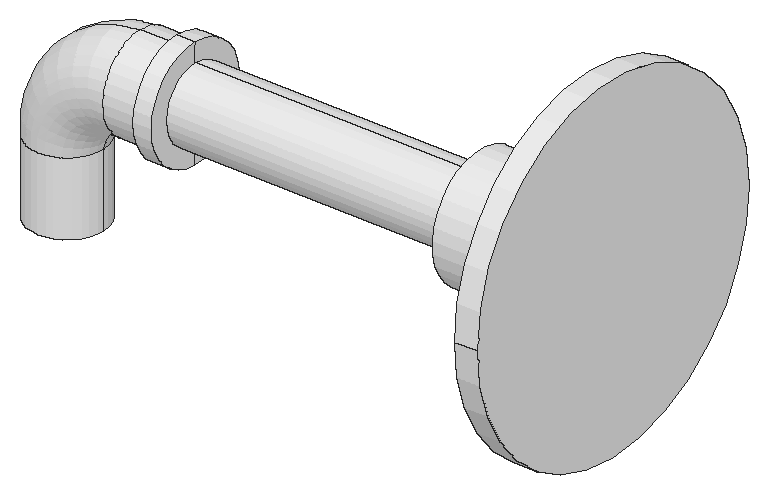
Revit family "E22", category Generic Models, Revit 2017
Family settings
  Can host rebar = No
  Round Connector Dimension = Use Diameter
  Part Type = Normal
  Work Plane-Based = No
  Always vertical = Yes
  Cut with Voids When Loaded = No
  Shared = No
  Room Calculation Point = No
Parameters
  E22 = Aluminum
Reference planes (in)
  plane 1 "Center (Front/Back)": y = 0
  plane 2: z = 0
  plane 3 "Center (Left/Right)": x = 0
Forms (in)
  Revolve 1, solid, material "Aluminum"
    sketch origin (-35.50242, 0, 3.57729) x (1, 0, 0) y (0, 0, 1)
      loop
        line (29.78003, 14.03521) -> (29.53003, 14.03521) -> (29.53003, 13.92343) -> (29.03003, 13.92343) -> (29.03003, 13.78521) -> (29.78003, 13.78521) -> (29.78003, 14.03521)
      axis (29.03003, 13.28521) -> (29.78003, 13.28521)
    angle from 0 to 360
  Revolve 2, solid, material "Aluminum"
    sketch origin (-35.50242, 0, 3.57729) x (1, 0, 0) y (0, 0, 1)
      loop
        line (28.03003, 12.28521) -> (27.53003, 12.28521) -> (27.53003, 11.28521) -> (28.03003, 11.28521) -> (28.03003, 12.28521)
      axis (28.03003, 11.28521) -> (28.03003, 12.28521)
    angle from 0 to 360
  SweptBlend 3, solid, material "Aluminum"
    path in 3D
      loop
        arc (-6.47239, 0, 16.8625) -> (-7.17949, 0, 16.56961) -> (-7.47239, 0, 15.8625) r 1
    profile origin (-6.47239, 0, 16.8625) x (0, 0, -1) y (0, -1, 0)
      loop
        circle (0, 0) r 0.63822
    end profile origin (-7.47239, 0, 15.8625) x (0, -1, 0) y (1, 0, 0)
      loop
        circle (0, 0) r 0.5
  Extrusion 4, solid, material "Aluminum" <- "E22"
    sketch origin (0.47641, -0.02359, 2.4717) x (0, 1, 0) y (0, 0, 1)
      loop
        circle (0, 14.39079) r 2.3125
    from -0.78891 to -0.47641
  Extrusion 5, solid, material "Aluminum" <- "E22"
    sketch origin (0.47641, -0.02359, 2.4717) x (0, 1, 0) y (0, 0, 1)
      loop
        circle (0, 14.39079) r 1.9734
    from -0.85141 to -0.78891
  Extrusion 6, solid, material "Aluminum" <- "E22"
    sketch origin (0.47641, -0.02359, 2.4717) x (0, 1, 0) y (0, 0, 1)
      loop
        circle (0, 14.39079) r 0.5
      loop
        line (-0.33, 13.64559) -> (-0.33, 13.39079) -> (0.33, 13.39079) -> (0.33, 13.64559)
        arc (0.33, 13.64559) -> (0, 15.20579) -> (-0.33, 13.64559) r 0.815
    from -2.28891 to -0.85141
  Revolve 7, solid, material "Aluminum" <- "E22"
    sketch origin (13.92164, 0, -9.34978) x (1, 0, 0) y (0, 0, 1)
      loop
        line (-14.29664, 26.71228) -> (-19.97734, 26.71228) -> (-19.97734, 26.64978) -> (-14.29664, 26.64978) -> (-14.29664, 26.71228)
      axis (-14.29664, 26.21228) -> (-19.97734, 26.21228)
    angle from 0 to 360
Cuts and joins
  joined: Revolve 1, Revolve 2, SweptBlend 3
Lines and regions (in)
  sketch lines
    curve 1: arc (-6.47239, 0, 16.8625) -> (-7.17949, 0, 16.56961) -> (-7.47239, 0, 15.8625) r 1
Dimensions and locks (in)
  aligned and locked: plane 2 to level
